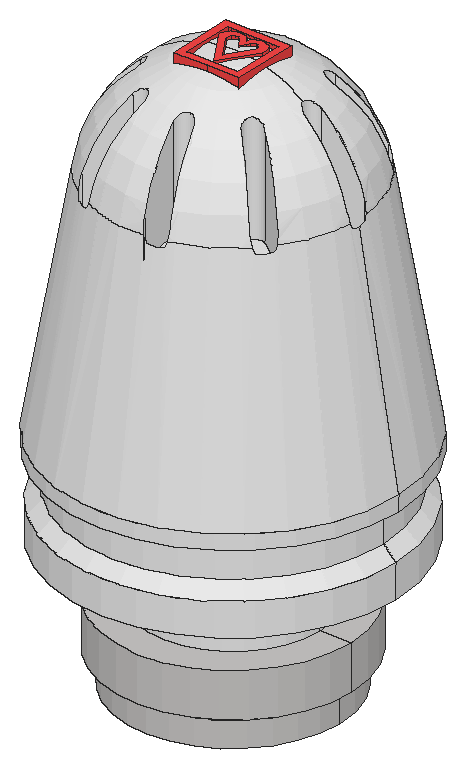
Revit family "Термостатическая головка HERZ-Design-MINI GS, с присоединительной резьбой М 28х1.5, 9200 03", category Rohrzubehör, Revit 2019
Family settings
  Bemaßung runder Anschluss = Durchmesser verwenden
  Teiletyp = Normal
  OmniClass-Nummer = 23.65.55.14
  OmniClass-Titel = Valves for Liquid Services
  Arbeitsebenenbasiert = Nein
  Immer vertikal = Nein
  Beim Laden mit Abzugskörper schneiden = Nein
  Gemeinsam genutzt = Nein
Parameters
  Принцип действия = "HERZ-термостатическая головка является датчиком прямого регулирования.\r\nИзменение объема жидкости в HERZ-гидросенсоре приводит в движение шток клапана."
  Область применения = "Для монтажа на всех HERZ-клапанах, предназначенных для термостатической работы."
  Номер заказа = 1920003  # constant formula
  Морозозащита = 6 °C  # constant formula
  Маховик = "Пластик, белый"  # constant formula
  Диапазон регулирования с морозозащитой = "6-30°C"  # constant formula
  Диапазон регулирования = "0-30°C"  # constant formula
  URL = "www.herz-armaturen.ru"
  S02 = 60 mm  # constant formula
  S01 = 73 mm  # constant formula
  Позиция теплового запирания "0" = "Термостатическая головка с жидкостным датчиком (гидросенсором) с позициями теплового запираниия \"0\" и морозозащиты, с ограничением и блокировкой диапазона регулирования."
  Hersteller = "HERZ Armaturen Ges.m.b.H."  # constant formula
  Позиция морозозащиты * = "Термостатическая головка с жидкостным датчиком (гидросенсором) с позицией морозозащиты и ограничением, блокировкой диапазона регулирования."
Reference planes
  plane 1 "Mitte (Vorne/hinten)": y = 0
  plane 2: z = 0
  plane 3 "Mitte (Links/rechts)": x = 0
Forms (mm)
  Revolve 1, solid, material "Kunststoff weiß", detail levels fine
    sketch origin (0, 0, 0) x (1, 0, 0) y (0, 0, 1)
      loop
        line (0, 0) -> (0, 73)
        arc (0, 73) -> (-11.397, 68.78) -> (-17.297, 58.156) r 17.5
        arc (-17.297, 58.156) -> (-20.011, 42.065) -> (-22.88, 26) r 1681.293
        line (-22.88, 26) -> (-22.88, 24) -> (-20.75, 24) -> (-20.75, 19.25) -> (-22.5, 17.5) -> (-22.5, 13) -> (-12.8, 13)
        arc (-12.8, 13) -> (-12.234, 12.766) -> (-12, 12.2) r 0.8
        line (-12, 12.2) -> (-12, 4.8) -> (-13.2, 4.8) -> (-13.2, 0) -> (0, 0)
      axis (0, 73) -> (0, 0)
    angle from 0 to 360
  Revolve 2, solid, material "Messing verzinkt", detail levels fine
    sketch origin (0, 0, 0) x (1, 0, 0) y (0, 0, 1)
      loop
        line (0, 0) -> (0, 5.5) -> (-16.35, 5.5) -> (-16.35, -0.576) -> (-14.75, -1.5) -> (-14.75, -5) -> (-13.35, -5) -> (-13.35, 0) -> (0, 0)
      axis (0, 5.5) -> (0, -5)
    angle from 0 to 360
  Extrusion 3, void
    sketch origin (0, 0, 0) x (1, 0, 0) y (0, 1, 0)
      loop
        arc (11.027, 1.298) -> (9.8, 0) -> (11.027, -1.298) r 1.3
        line (11.027, -1.298) -> (16.77, -1.62)
        arc (16.77, -1.62) -> (17.178, -1.485) -> (17.384, -1.107) r 0.586
        arc (17.384, -1.107) -> (17.453, 0.011) -> (17.382, 1.129) r 9
        arc (17.382, 1.129) -> (17.183, 1.492) -> (16.79, 1.621) r 0.564
        line (16.79, 1.621) -> (11.027, 1.298)
      loop
        line (9.282, 6.094) -> (13.904, 9.55)
        arc (13.904, 9.55) -> (14.121, 9.902) -> (14.04, 10.308) r 0.564
        arc (14.04, 10.308) -> (13.376, 11.21) -> (12.605, 12.023) r 9
        arc (12.605, 12.023) -> (12.205, 12.18) -> (11.805, 12.021) r 0.586
        line (11.805, 12.021) -> (7.613, 8.082)
        arc (7.613, 8.082) -> (7.507, 6.299) -> (9.282, 6.094) r 1.3
      loop
        arc (0.637, 11.085) -> (1.702, 9.651) -> (3.193, 10.634) r 1.3
        line (3.193, 10.634) -> (4.508, 16.234)
        arc (4.508, 16.234) -> (4.445, 16.659) -> (4.109, 16.928) r 0.586
        arc (4.109, 16.928) -> (3.02, 17.189) -> (1.907, 17.313) r 9
        arc (1.907, 17.313) -> (1.515, 17.181) -> (1.319, 16.816) r 0.564
        line (1.319, 16.816) -> (0.637, 11.085)
      loop
        line (-4.39, 10.199) -> (-6.991, 15.351)
        arc (-6.991, 15.351) -> (-7.3, 15.626) -> (-7.713, 15.617) r 0.564
        arc (-7.713, 15.617) -> (-8.717, 15.12) -> (-9.651, 14.501) r 9
        arc (-9.651, 14.501) -> (-9.875, 14.134) -> (-9.788, 13.713) r 0.586
        line (-9.788, 13.713) -> (-6.638, 8.901)
        arc (-6.638, 8.901) -> (-4.9, 8.487) -> (-4.39, 10.199) r 1.3
      loop
        arc (-10.806, 2.552) -> (-9.209, 3.352) -> (-9.918, 4.991) r 1.3
        line (-9.918, 4.991) -> (-15.204, 7.258)
        arc (-15.204, 7.258) -> (-15.634, 7.271) -> (-15.957, 6.986) r 0.586
        arc (-15.957, 6.986) -> (-16.404, 5.959) -> (-16.719, 4.884) r 9
        arc (-16.719, 4.884) -> (-16.657, 4.475) -> (-16.332, 4.219) r 0.564
        line (-16.332, 4.219) -> (-10.806, 2.552)
      loop
        line (-10.806, -2.552) -> (-16.332, -4.219)
        arc (-16.332, -4.219) -> (-16.657, -4.475) -> (-16.719, -4.884) r 0.564
        arc (-16.719, -4.884) -> (-16.404, -5.959) -> (-15.957, -6.986) r 9
        arc (-15.957, -6.986) -> (-15.634, -7.271) -> (-15.204, -7.258) r 0.586
        line (-15.204, -7.258) -> (-9.918, -4.991)
        arc (-9.918, -4.991) -> (-9.209, -3.352) -> (-10.806, -2.552) r 1.3
      loop
        arc (9.282, -6.094) -> (7.507, -6.299) -> (7.613, -8.082) r 1.3
        line (7.613, -8.082) -> (11.805, -12.021)
        arc (11.805, -12.021) -> (12.205, -12.18) -> (12.605, -12.023) r 0.586
        arc (12.605, -12.023) -> (13.376, -11.21) -> (14.04, -10.308) r 9
        arc (14.04, -10.308) -> (14.121, -9.902) -> (13.904, -9.55) r 0.564
        line (13.904, -9.55) -> (9.282, -6.094)
      loop
        line (0.637, -11.085) -> (1.319, -16.816)
        arc (1.319, -16.816) -> (1.515, -17.181) -> (1.907, -17.313) r 0.564
        arc (1.907, -17.313) -> (3.02, -17.189) -> (4.109, -16.928) r 9
        arc (4.109, -16.928) -> (4.445, -16.659) -> (4.508, -16.234) r 0.586
        line (4.508, -16.234) -> (3.193, -10.634)
        arc (3.193, -10.634) -> (1.702, -9.651) -> (0.637, -11.085) r 1.3
      loop
        arc (-4.39, -10.199) -> (-4.9, -8.487) -> (-6.638, -8.901) r 1.3
        line (-6.638, -8.901) -> (-9.788, -13.713)
        arc (-9.788, -13.713) -> (-9.875, -14.134) -> (-9.651, -14.501) r 0.586
        arc (-9.651, -14.501) -> (-8.717, -15.12) -> (-7.713, -15.617) r 9
        arc (-7.713, -15.617) -> (-7.3, -15.626) -> (-6.991, -15.351) r 0.564
        line (-6.991, -15.351) -> (-4.39, -10.199)
    from 55 to 73
Cuts and joins
  Extrusion 3 cuts Revolve 1
Lines and regions (mm)
  model lines, detail levels coarse+medium
    curve 1: line (0, 0, 0) -> (0, 0, 13)
    curve 2: line (0, -0.017, 0) -> (0, 13, 0)
    curve 3: circle (0, 0, 43) r 30 normal (0, -1, 0)
    curve 4: circle (0, 0, 43) r 30 normal (1, 0, 0)
    curve 5: line (0, 0, 23) -> (0, 0, 63)
    curve 6: line (0, -17.5, 63) -> (0, 17.5, 63)
    curve 7: line (0, 0, 23) -> (0, 0, 63)
    curve 8: line (-17.5, 0, 63) -> (17.5, 0, 63)
    curve 9: circle (0, 43, 0) r 30 normal (0, 0, 1)
    curve 10: line (0, 23, 0) -> (0, 63, 0)
    curve 11: line (-17.5, 63, 0) -> (17.5, 63, 0)
Dimensions and locks
  "S01": curve 4 to plane 2
  "S01": curve 3 to plane 2
  "S01": plane 1 "Mitte (Vorne/hinten)" to curve 9
  "S02": diameter of curve 3
  "S02": diameter of curve 4
  "S02": diameter of curve 9
  aligned and locked: level to plane 2
Automatic sketch dimensions
  Revolve 1 sketch curve to level = 0 mm
  Revolve 1 sketch curve to plane 3 "Mitte (Links/rechts)" = 0 mm  (x2)
  Revolve 1 sketch curve to plane 3 "Mitte (Links/rechts)" = 12 mm
  Revolve 1 sketch curve to Revolve 1 sketch curve = 0.8 mm
  Revolve 1 sketch curve to Revolve 1 sketch curve = 1.2 mm
  Revolve 1 sketch curve to Revolve 1 sketch curve = 7.95 mm
  Revolve 1 sketch curve to Revolve 1 sketch curve = 1.75 mm  (x2)
  Revolve 1 sketch curve to Revolve 1 sketch curve = 2.13 mm
  level to Revolve 1 sketch curve = 329.658 mm
  Revolve 1 sketch curve to plane 3 "Mitte (Links/rechts)" = 1676.524 mm
  level to Revolve 1 sketch curve = 4.8 mm
  Revolve 1 sketch curve to Revolve 1 sketch curve = 7.4 mm
  Revolve 1 sketch curve to Revolve 1 sketch curve = 4.5 mm
  Revolve 1 sketch curve to Revolve 1 sketch curve = 4.75 mm
  Revolve 1 sketch curve to Revolve 1 sketch curve = 2 mm
  Revolve 1 sketch curve to Revolve 1 sketch curve = 29.5 mm
  Revolve 1 sketch curve to Revolve 1 sketch curve = 17.5 mm
  Revolve 1 sketch curve to level = 366.045 mm
  Revolve 1 sketch curve to Revolve 1 sketch curve = 2141.315 mm
  Revolve 2 sketch curve to level = 0 mm
  Revolve 2 sketch curve to plane 3 "Mitte (Links/rechts)" = 0 mm  (x2)
  Revolve 2 sketch curve to level = 5 mm
  Revolve 2 sketch curve to plane 3 "Mitte (Links/rechts)" = 13.35 mm
  Revolve 2 sketch curve to Revolve 2 sketch curve = 1.4 mm
  Revolve 2 sketch curve to level = 0.576 mm
  Revolve 2 sketch curve to Revolve 2 sketch curve = 1.6 mm
  Revolve 2 sketch curve to level = 1.5 mm
  level to Revolve 2 sketch curve = 5.5 mm
  Revolve 2 sketch curve to Revolve 2 sketch curve = 361.045 mm
  Revolve 2 sketch curve to Revolve 2 sketch curve = 2208.815 mm
  plane 1 "Mitte (Vorne/hinten)" to Extrusion 3 sketch curve = 0 mm  (x2)
  Extrusion 3 sketch curve to plane 1 "Mitte (Vorne/hinten)" = 4.219 mm
  Extrusion 3 sketch curve to plane 3 "Mitte (Links/rechts)" = 16.332 mm
  plane 1 "Mitte (Vorne/hinten)" to Extrusion 3 sketch curve = 4.219 mm
  Extrusion 3 sketch curve to Extrusion 3 sketch curve = 0 mm  (x11)
  Extrusion 3 sketch curve to Extrusion 3 sketch curve = 0.163 mm  (x2)
  Extrusion 3 sketch curve to Extrusion 3 sketch curve = 0.734 mm  (x2)
  plane 1 "Mitte (Vorne/hinten)" to Extrusion 3 sketch curve = 7.258 mm
  Extrusion 3 sketch curve to Extrusion 3 sketch curve = 0.231 mm  (x2)
  Extrusion 3 sketch curve to plane 1 "Mitte (Vorne/hinten)" = 7.258 mm
  plane 1 "Mitte (Vorne/hinten)" to Extrusion 3 sketch curve = 2.552 mm
  Extrusion 3 sketch curve to Extrusion 3 sketch curve = 5.526 mm
  Extrusion 3 sketch curve to plane 1 "Mitte (Vorne/hinten)" = 2.552 mm
  Extrusion 3 sketch curve to Extrusion 3 sketch curve = 0.375 mm  (x2)
  Extrusion 3 sketch curve to Extrusion 3 sketch curve = 0.512 mm  (x2)
  Extrusion 3 sketch curve to Extrusion 3 sketch curve = 5.416 mm  (x2)
  Extrusion 3 sketch curve to Extrusion 3 sketch curve = 0.49 mm  (x2)
  Extrusion 3 sketch curve to Extrusion 3 sketch curve = 2.488 mm  (x2)
  Extrusion 3 sketch curve to Extrusion 3 sketch curve = 1.803 mm  (x2)
  Extrusion 3 sketch curve to Extrusion 3 sketch curve = 0.504 mm  (x2)
  Extrusion 3 sketch curve to Extrusion 3 sketch curve = 3.281 mm  (x2)
  Extrusion 3 sketch curve to Extrusion 3 sketch curve = 1.088 mm  (x2)
  Extrusion 3 sketch curve to Extrusion 3 sketch curve = 1.16 mm  (x2)
  Extrusion 3 sketch curve to Extrusion 3 sketch curve = 1.324 mm  (x2)
  plane 3 "Mitte (Links/rechts)" to Extrusion 3 sketch curve = 0.637 mm  (x2)
  plane 3 "Mitte (Links/rechts)" to Extrusion 3 sketch curve = 1.319 mm  (x2)
  plane 3 "Mitte (Links/rechts)" to Extrusion 3 sketch curve = 1.468 mm  (x2)
  Extrusion 3 sketch curve to Extrusion 3 sketch curve = 0.561 mm  (x2)
  Extrusion 3 sketch curve to Extrusion 3 sketch curve = 1.291 mm  (x2)
  Extrusion 3 sketch curve to Extrusion 3 sketch curve = 1.266 mm  (x2)
  Extrusion 3 sketch curve to Extrusion 3 sketch curve = 2.058 mm  (x2)
  Extrusion 3 sketch curve to Extrusion 3 sketch curve = 0.57 mm  (x2)
  Extrusion 3 sketch curve to Extrusion 3 sketch curve = 5.007 mm  (x2)
  Extrusion 3 sketch curve to Extrusion 3 sketch curve = 1.138 mm  (x2)
  Extrusion 3 sketch curve to Extrusion 3 sketch curve = 1.978 mm
  Extrusion 3 sketch curve to Extrusion 3 sketch curve = 0.89 mm  (x2)
  Extrusion 3 sketch curve to Extrusion 3 sketch curve = 0.779 mm  (x2)
  plane 1 "Mitte (Vorne/hinten)" to Extrusion 3 sketch curve = 1.298 mm
  Extrusion 3 sketch curve to Extrusion 3 sketch curve = 2.575 mm
  Extrusion 3 sketch curve to Extrusion 3 sketch curve = 0.073 mm
  Extrusion 3 sketch curve to Extrusion 3 sketch curve = 4.192 mm  (x2)
  Extrusion 3 sketch curve to Extrusion 3 sketch curve = 0.401 mm  (x2)
  Extrusion 3 sketch curve to Extrusion 3 sketch curve = 1.36 mm  (x2)
  Extrusion 3 sketch curve to Extrusion 3 sketch curve = 0.338 mm  (x2)
  plane 1 "Mitte (Vorne/hinten)" to Extrusion 3 sketch curve = 1.62 mm
  Extrusion 3 sketch curve to Extrusion 3 sketch curve = 5.743 mm
  Extrusion 3 sketch curve to plane 1 "Mitte (Vorne/hinten)" = 1.621 mm
  Extrusion 3 sketch curve to Extrusion 3 sketch curve = 0.02 mm
  Extrusion 3 sketch curve to Extrusion 3 sketch curve = 0.033 mm
  Extrusion 3 sketch curve to Extrusion 3 sketch curve = 0.032 mm
  plane 1 "Mitte (Vorne/hinten)" to Extrusion 3 sketch curve = 7.32 mm
  Extrusion 3 sketch curve to Extrusion 3 sketch curve = 6.784 mm
  Extrusion 3 sketch curve to Extrusion 3 sketch curve = 1.004 mm
  Extrusion 3 sketch curve to Extrusion 3 sketch curve = 1.581 mm  (x2)
  Extrusion 3 sketch curve to Extrusion 3 sketch curve = 1.468 mm
  Extrusion 3 sketch curve to Extrusion 3 sketch curve = 0.712 mm  (x2)
  Extrusion 3 sketch curve to Extrusion 3 sketch curve = 0.452 mm  (x2)
  Extrusion 3 sketch curve to Extrusion 3 sketch curve = 2.31 mm  (x2)
  Extrusion 3 sketch curve to Extrusion 3 sketch curve = 0.297 mm  (x2)
  Extrusion 3 sketch curve to Extrusion 3 sketch curve = 1.591 mm  (x2)
  Extrusion 3 sketch curve to Extrusion 3 sketch curve = 0.427 mm  (x2)
  Extrusion 3 sketch curve to Extrusion 3 sketch curve = 4.812 mm  (x2)
  Extrusion 3 sketch curve to Extrusion 3 sketch curve = 0.321 mm  (x2)
  Extrusion 3 sketch curve to Extrusion 3 sketch curve = 1.063 mm  (x2)
  Extrusion 3 sketch curve to Extrusion 3 sketch curve = 0.254 mm  (x2)
  Extrusion 3 sketch curve to Extrusion 3 sketch curve = 5.599 mm  (x2)
  Extrusion 3 sketch curve to Extrusion 3 sketch curve = 0.134 mm  (x2)
  Extrusion 3 sketch curve to Extrusion 3 sketch curve = 0.382 mm  (x2)
  Extrusion 3 sketch curve to Extrusion 3 sketch curve = 0.067 mm  (x2)
  Extrusion 3 sketch curve to Extrusion 3 sketch curve = 0.947 mm
  Extrusion 3 sketch curve to Extrusion 3 sketch curve = 0.539 mm  (x2)
  Extrusion 3 sketch curve to Extrusion 3 sketch curve = 1.702 mm
  Extrusion 3 sketch curve to Extrusion 3 sketch curve = 2.439 mm
  Extrusion 3 sketch curve to Extrusion 3 sketch curve = 0.54 mm  (x2)
  Extrusion 3 sketch curve to Extrusion 3 sketch curve = 0.905 mm
  Extrusion 3 sketch curve to Extrusion 3 sketch curve = 0.585 mm
  Extrusion 3 sketch curve to Extrusion 3 sketch curve = 0.564 mm
  Extrusion 3 sketch curve to Extrusion 3 sketch curve = 0.339 mm
  Extrusion 3 sketch curve to Extrusion 3 sketch curve = 1.245 mm
  Extrusion 3 sketch curve to plane 1 "Mitte (Vorne/hinten)" = 5.433 mm
  Extrusion 3 sketch curve to Extrusion 3 sketch curve = 0.661 mm
  Extrusion 3 sketch curve to Extrusion 3 sketch curve = 1.041 mm
  Extrusion 3 sketch curve to Extrusion 3 sketch curve = 4.429 mm
  Extrusion 3 sketch curve to Extrusion 3 sketch curve = 2.891 mm
  Extrusion 3 sketch curve to Extrusion 3 sketch curve = 3.456 mm
  Extrusion 3 sketch curve to plane 1 "Mitte (Vorne/hinten)" = 1.298 mm  (x2)
  curve 5 to plane 1 "Mitte (Vorne/hinten)" = 0 mm
  curve 4 to plane 1 "Mitte (Vorne/hinten)" = 0 mm
  plane 1 "Mitte (Vorne/hinten)" to curve 6 = 17.5 mm
  curve 5 to curve 6 = 17.5 mm
  curve 5 to curve 4 = 20 mm
  curve 4 to curve 6 = 20 mm
  curve 3 to plane 3 "Mitte (Links/rechts)" = 0 mm
  curve 7 to plane 3 "Mitte (Links/rechts)" = 0 mm
  curve 1 to plane 3 "Mitte (Links/rechts)" = 0 mm
  curve 1 to level = 0 mm
  curve 8 to curve 7 = 17.5 mm
  plane 3 "Mitte (Links/rechts)" to curve 8 = 17.5 mm
  curve 1 to curve 7 = 10 mm
  curve 3 to curve 8 = 20 mm
  curve 9 to plane 3 "Mitte (Links/rechts)" = 0 mm
  curve 10 to plane 3 "Mitte (Links/rechts)" = 0 mm
  curve 2 to plane 3 "Mitte (Links/rechts)" = 0 mm
  curve 11 to curve 10 = 17.5 mm
  plane 3 "Mitte (Links/rechts)" to curve 11 = 17.5 mm
  plane 1 "Mitte (Vorne/hinten)" to curve 2 = 0.017 mm
  curve 2 to curve 10 = 10 mm
  curve 9 to curve 11 = 20 mm
Nested families
  nested 1: "Herz-Logo" at (0, 0, 71.5), type "Herz-Logo", detail levels fine
Definition of nested family "Herz-Logo"
  Reference planes
    plane 1 "Mitte (Vorne/hinten)": y = 0
    plane 2: z = 0
    plane 3 "Mitte (Links/rechts)": x = 0
  Forms (mm)
    Extrusion 1, solid
      sketch origin (0, 0, 0) x (1, 0, 0) y (0, 1, 0)
        loop
          line (-0.018, -4.517) -> (4.482, -4.517) -> (4.482, 4.483) -> (-4.518, 4.483) -> (-4.518, -4.517) -> (-0.018, -4.517)
        loop
          line (-0.05, -3.48) -> (3.482, -3.48) -> (3.482, 3.483) -> (-3.518, 3.483) -> (-3.518, -3.48) -> (-0.05, -3.48)
        loop
          arc (-0.018, 2.383) -> (-1.543, 3.287) -> (-3.067, 2.383) r 1.738
          arc (-3.067, 2.383) -> (-3.191, 1.899) -> (-3.067, 1.415) r 1.009
          line (-3.067, 1.415) -> (-0.018, -3.281) -> (3.032, 1.415)
          arc (3.032, 1.415) -> (3.156, 1.899) -> (3.032, 2.383) r 1.009
          arc (3.032, 2.383) -> (1.507, 3.287) -> (-0.018, 2.383) r 1.738
        loop
          arc (1.885, 1.272) -> (2.005, 1.675) -> (1.885, 2.079) r 0.74
          arc (1.885, 2.079) -> (1.265, 2.416) -> (0.644, 2.079) r 0.74
          line (0.644, 2.079) -> (-0.018, 0.97) -> (-0.679, 2.079)
          arc (-0.679, 2.079) -> (-1.3, 2.416) -> (-1.921, 2.079) r 0.74
          arc (-1.921, 2.079) -> (-2.04, 1.675) -> (-1.921, 1.272) r 0.74
          line (-1.921, 1.272) -> (-0.018, -1.658) -> (1.885, 1.272)
      from 0 to 1.5
  Dimensions and locks
    aligned and locked: level to plane 2
